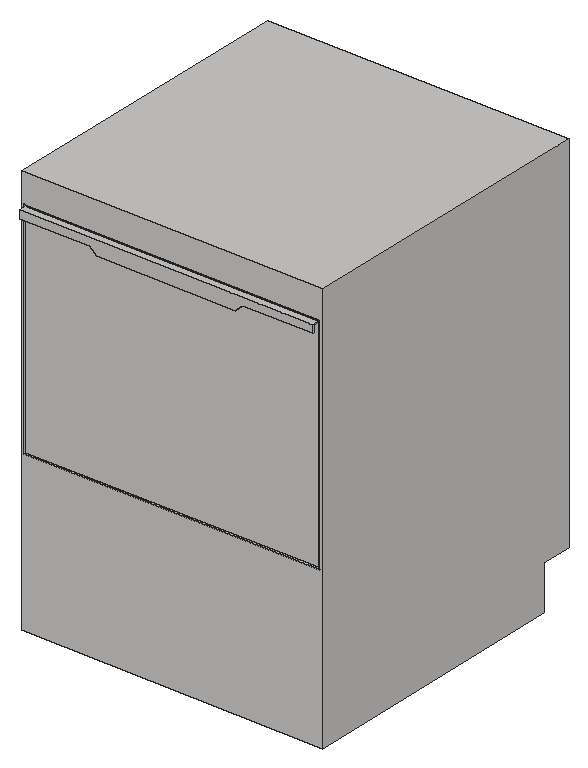
Revit family "QF_ELECTROLUXPROFESSIONAL_400214_ELA3W", category Specialty Equipment, Revit 2018
Family settings
  Round Connector Dimension = Use Diameter
  Part Type = Normal
  Work Plane-Based = No
  Always vertical = Yes
  Cut with Voids When Loaded = No
  Shared = No
  Room Calculation Point = No
Parameters
  Weight = 54.00 kg
  Watts = 0 W
  Volts = 0 V
  URL Manufacturer = ""
  URL = "http://professional.electrolux.com/"
  Steam Supply Size = 0 mm
  Steam Supply Minimum Pressure = 0.0 Pa
  Steam Supply Maximum Pressure = 0.0 Pa
  Steam Pounds per Hour = 0
  Show Logo [instance] = yes
  Show Clearance [instance] = yes
  Refrigeration Suction Line Size = 0 mm
  Refrigeration Liquid Line Size = 0 mm
  Refrigerant Compressor Remote = yes
  Manufacturer = ""
  Phase = 0
  Model = ""
  Length Actual = 600 mm  # constant formula
  Item Number = ""
  Hot Water Size = 0 mm
  Height Actual = 820 mm  # constant formula
  HP = "7.2 HP"
  Gas Size = 0 mm
  Gas KW = 0
  Gas Input Pressure = 0 W
  Direct Waste Size = 40 mm
  Description = ""
  Depth Actual = 648 mm  # constant formula
  Cycle = 0 Hz
  Condensate Return Size = 0 mm
  Compressed Air Volume = 0.0 L/s
  Compressed Air Size = 0 mm
  Compressed Air Pressure = 0.0 Pa
  Cold Water Size = 0 mm
  Accessory = yes
Types (2, lengths in mm): name | Volts | URL Manufacturer | URL | Manufacturer | Phase | Model | Item Number | Hot Water Size | Description | Cycle
  (no name) | 0 V | "" | "http://professional.electrolux.com/" | "" | 0 | "" | "" | 0 | "" | 0 Hz
  Standard | 400 V | "http://professional.electrolux.com" | "http://professional.electrolux.com" | "Electrolux Professional" | 3 | "ELA3W" | "400214" | 19.05 | "UNDERCOUNTER(L), WASH-SAFE, 3PH, WATER SOFTENER, 540D/H" | 50 Hz
Reference planes
  plane 1 "Center (Front/Back)": y = 0
  plane 2: z = 0
  plane 3 "Center (Left/Right)": x = 0
  plane 4 "LEFT": x = -300
  plane 5 "RIGHT": x = 300
  plane 6 "FRONT": y = -306
  plane 7 "BACK": y = 306
  plane 8: x = -202.5
  plane 9: x = 202.5
  plane 10: z = 830
  plane 11: z = 10
Forms (mm)
  Extrusion 1, solid, material "QF_Finishes_Stainless Steel"
    sketch origin (0, 0, 0) x (1, 0, 0) y (0, 1, 0)
      loop
        line (-300, -306) -> (300, -306) -> (300, 245) -> (-300, 245) -> (-300, -306)
    from 10 to 830
  Extrusion 2, solid, material "QF_Finishes_Stainless Steel"
    sketch origin (0, 0, 0) x (1, 0, 0) y (0, 1, 0)
      loop
        line (-300, 245) -> (300, 245) -> (300, 306) -> (-300, 306) -> (-300, 245)
    from 100 to 830
  Extrusion 3, solid, material "QF_Finishes_Stainless Steel"
    sketch origin (0, 17.5, 0) x (1, 0, 0) y (0, 1, 0)
      loop
        circle (-254, 167.5) r 12.5
      loop
        circle (254, 167.5) r 12.5
      loop
        circle (-254, -263.5) r 12.5
      loop
        circle (254, -263.5) r 12.5
    from 0 to 10
  Extrusion 4, void
    sketch origin (-300, -306, 0) x (-1, 0, 0) y (0, 0, 1)
      loop
        line (-5, 773.217) -> (-595, 773.217) -> (-595, 327.335) -> (-5, 327.335) -> (-5, 773.217)
    from 0 to 30
  Extrusion 5, solid, material "QF_Finishes_Stainless Steel"
    sketch origin (-259, -389, 768) x (0, 0, -1) y (1, 0, 0)
      loop
        circle (693, 143) r 10
    from -634 to -695
  Extrusion 6, solid, material "QF_Door-Drawer Clearances", visible <- "Show Clearance", detail levels coarse
    sketch origin (-230, -282.5, 0) x (0, 1, 0) y (0, 0, -1)
      loop
        line (-23.5, -330.419) -> (-391.5, -330.419)
        arc (-391.5, -330.419) -> (-290.693, -619.855) -> (-23.5, -770) r 432.894
        line (-23.5, -770) -> (-23.5, -330.419)
    from 61.197 to -521.306
  Extrusion 7, solid, material "QF_Finishes_Stainless Steel"
    sketch origin (-315.481, -389, 738) x (0, 0, -1) y (1, 0, 0)
      loop
        circle (663, 252.481) r 8
    from -634 to -695
  Extrusion 8, solid, material "QF_Finishes_Stainless Steel"
    sketch origin (-230, -282.5, 0) x (0, 1, 0) y (0, 0, -1)
      loop
        line (-23.5, -330.419) -> (-23.5, -770) -> (1.5, -770) -> (1.5, -330.419) -> (-23.5, -330.419)
    from 61.197 to -521.306
  Extrusion 9, solid, material "QF_Finishes_Stainless Steel"
    sketch origin (-230, -297.5, 0) x (0, 1, 0) y (0, 0, -1)
      loop
        line (-8.5, -770) -> (-8.5, -767.514) -> (-21, -767.514) -> (-21, -741.25) -> (-23.5, -741.25) -> (-23.5, -770) -> (-8.5, -770)
    from 61.197 to -521.306
  Extrusion 10, void
    sketch origin (-230, -321, 770) x (0, 0, 1) y (1, 0, 0)
      loop
        line (-15.552, -61.197) -> (-15.552, 77.909) -> (-28.75, 91.107) -> (-28.75, -61.197) -> (-15.552, -61.197)
      loop
        line (-15.552, 521.197) -> (-28.75, 521.197) -> (-28.75, 368.893) -> (-15.552, 382.091) -> (-15.552, 521.197)
    from 0 to 2.5
  Extrusion 11, solid, material "QF_Finishes_Stainless Steel"
    sketch origin (-295.988, 885.897, 763.79) x (0, -1, 0) y (1, 0, 0)
      loop
        circle (611.5, 158) r 8
    from -663.79 to -673.79
Cuts and joins
  Extrusion 4 cuts Extrusion 1
  joined: Extrusion 1, Extrusion 2
  Extrusion 10 cuts Extrusion 8
  Extrusion 10 cuts Extrusion 9
Lines and regions (mm)
  Split face 1
    outline origin (-300, -306, 830) x (0, 0, -1) y (1, 0, 0)
      loop
        line (21.579, 283.75) -> (39.683, 283.75) -> (39.683, 316.25) -> (21.579, 316.25) -> (21.579, 283.75)
  Split face 2
    outline origin (-300, -306, 830) x (0, 0, -1) y (1, 0, 0)
      loop
        line (56.783, 595) -> (56.783, 600)
      loop
        arc (56.783, 412.5) -> (28.391, 440.891) -> (0, 412.5) r 28.391
  symbolic lines
    curve 1: line (-300, 306, 0) -> (300, 306, 0)
    curve 2: line (-300, -306, 0) -> (-300, 306, 0)
    curve 3: line (300, -306, 0) -> (-300, -306, 0)
    curve 4: line (300, 306, 0) -> (300, -306, 0)
    curve 9: line (-291.197, -306, 0) -> (-291.197, -321, 0)
    curve 10: line (291.306, -321, 0) -> (291.306, -306, 0)
    curve 11: line (-291.197, -321, 0) -> (291.306, -321, 0)
  symbolic lines, style "QF_Door-Drawer Clearances"
    curve 5: line (-291.197, -674, 0) -> (291.306, -674, 0)
    curve 6: line (291.306, -674, 0) -> (291.306, -306, 0)
    curve 7: line (-291.197, -674, 0) -> (-291.197, -306, 0)
  symbolic lines, style "SpecialityEquipmentHiddenLines"
    curve 8: line (-300, 245, 0) -> (300, 245, 0)
Dimensions and locks
  equal spacing: plane 4 "LEFT", plane 3 "Center (Left/Right)", plane 5 "RIGHT"
  equal spacing: plane 7 "BACK", plane 1 "Center (Front/Back)", plane 6 "FRONT"
  plane 7 "BACK" to plane 6 "FRONT" = 612 mm
  plane 4 "LEFT" to plane 5 "RIGHT" = 600 mm
  plane 4 "LEFT" to plane 8 = 97.5 mm
  plane 9 to plane 5 "RIGHT" = 97.5 mm
  plane 11 to level = 10 mm
  plane 4 "LEFT" to plane 3 "Center (Left/Right)" = 300 mm
  plane 10 to level = 830 mm  (x2)
  plane 8 to plane 9 = 405 mm
  Extrusion 11 sketch curve to plane 4 "LEFT" = 162.012 mm
  level to Extrusion 5 sketch curve = 75 mm
  Extrusion 5 sketch curve to plane 4 "LEFT" = 184 mm
  Extrusion 7 sketch curve to plane 4 "LEFT" = 237 mm
  level to Extrusion 7 sketch curve = 75 mm
  Extrusion 3 to cut or joined group of Extrusion 1, Extrusion 2, Extrusion 4 = 121 mm
  Extrusion 3 to Extrusion 3 = 431 mm
  plane 6 "FRONT" to Extrusion 3 = 60 mm
  plane 9 to plane 8 = 405 mm
  plane 7 "BACK" to curve 5 = 980 mm
  cut or joined group of Extrusion 1, Extrusion 2, Extrusion 4 to level = 327.335 mm
  aligned and locked: level to plane 2
  aligned and locked: Extrusion 1 sketch curve to plane 6 "FRONT"
  aligned and locked: Extrusion 1 sketch curve to plane 4 "LEFT"
  aligned and locked: plane 5 "RIGHT" to Extrusion 1 sketch curve
  aligned and locked: Extrusion 1 to plane 11
  aligned and locked: Extrusion 2 sketch curve to Extrusion 1
  aligned and locked: plane 5 "RIGHT" to Extrusion 2 sketch curve
  aligned and locked: plane 11 to Extrusion 3
  aligned and locked: cut or joined group of Extrusion 9, Extrusion 10 to Extrusion 10
Automatic sketch dimensions
  Extrusion 1 sketch curve to plane 7 "BACK" = 61 mm
  Extrusion 3 sketch curve to plane 8 = 51.5 mm  (x2)
  plane 9 to Extrusion 3 sketch curve = 51.5 mm  (x2)
  plane 6 "FRONT" to Extrusion 3 sketch curve = 60 mm  (x2)
  Extrusion 3 sketch curve to plane 7 "BACK" = 121 mm  (x2)
  Extrusion 4 sketch curve to Extrusion 1 = 5 mm  (x2)
  Extrusion 4 sketch curve to Extrusion 1 = 317.335 mm
  Extrusion 4 sketch curve to Extrusion 1 = 56.783 mm
  plane 6 "FRONT" to Extrusion 8 sketch curve = 0 mm
  Extrusion 8 sketch curve to Extrusion 8 sketch curve = 25 mm
  Extrusion 9 sketch curve to plane 6 "FRONT" = 15 mm
  Extrusion 9 sketch curve to Extrusion 9 sketch curve = 2.5 mm
  Extrusion 9 sketch curve to Extrusion 9 sketch curve = 12.5 mm
  Extrusion 9 sketch curve to plane 10 = 60 mm
  Extrusion 9 sketch curve to Extrusion 9 sketch curve = 2.486 mm
  Extrusion 9 sketch curve to Extrusion 9 sketch curve = 26.264 mm
  Extrusion 2 sketch curve to Extrusion 2 sketch curve = 61 mm
  Split face 1 sketch curve to cut or joined group of Extrusion 1, Extrusion 2, Extrusion 4 = 21.579 mm
  Split face 1 sketch curve to Split face 1 sketch curve = 18.104 mm
  Split face 1 sketch curve to cut or joined group of Extrusion 1, Extrusion 2, Extrusion 4 = 278.75 mm
  Split face 1 sketch curve to Split face 1 sketch curve = 32.5 mm
  plane 11 to Extrusion 8 sketch curve = 320.419 mm
  Extrusion 8 sketch curve to plane 10 = 60 mm
  Extrusion 10 sketch curve to Extrusion 9 = 0 mm  (x2)
  Extrusion 9 to Extrusion 10 sketch curve = 0 mm
  Extrusion 10 sketch curve to Extrusion 9 = 13.198 mm  (x2)
  Extrusion 10 sketch curve to Extrusion 9 = 139.107 mm
  Extrusion 10 sketch curve to Extrusion 10 sketch curve = 13.198 mm  (x2)
  Extrusion 10 sketch curve to Extrusion 9 = 152.413 mm
  Extrusion 10 sketch curve to Extrusion 9 = 0.109 mm
  curve 3 to plane 4 "LEFT" = 0 mm
  curve 7 to plane 6 "FRONT" = 0 mm
  curve 4 to plane 5 "RIGHT" = 0 mm
  curve 2 to plane 7 "BACK" = 0 mm
  plane 4 "LEFT" to curve 5 = 8.803 mm
  curve 5 to plane 5 "RIGHT" = 8.694 mm
  plane 4 "LEFT" to curve 11 = 8.803 mm
  curve 10 to plane 5 "RIGHT" = 8.694 mm
  curve 11 to plane 6 "FRONT" = 15 mm
  curve 8 to plane 7 "BACK" = 61 mm
  Extrusion 2 sketch curve to plane 7 "BACK" = 0 mm
  Split face 2 sketch curve to cut or joined group of Extrusion 1, Extrusion 2, Extrusion 4 = 0 mm  (x5)
  Split face 2 sketch curve to cut or joined group of Extrusion 1, Extrusion 2, Extrusion 4 = 182.5 mm
  Extrusion 11 sketch curve to plane 7 "BACK" = 31.603 mm
  Extrusion 6 sketch curve to plane 6 "FRONT" = 0 mm
  plane 6 "FRONT" to Extrusion 6 sketch curve = 64.74 mm
  plane 11 to Extrusion 6 sketch curve = 331.974 mm
  Extrusion 6 sketch curve to Extrusion 6 sketch curve = 11.555 mm
  Extrusion 6 sketch curve to plane 6 "FRONT" = 368 mm
  radius of Extrusion 5 sketch curve = 10 mm
  radius of Extrusion 7 sketch curve = 8 mm
  radius of Extrusion 3 sketch curve = 12.5 mm  (x4)
  radius of Extrusion 11 sketch curve = 8 mm
Connectors
  piping at (-116, 306, 75), diameter 20
    settings: on Extrusion 5, index 1, connector inside diameter 609.6 mm, connector length 0 mm, flow factor 0, pipe flow 0.0 L/s, pressure drop 0.0 Pa, fitting loss kfactor 0, connector angle 0.00°, fixture units 0, engagement length 0 mm, angle of deflection 0.00°, flow configuration 1, flow direction 1, fitting loss method 0, system type 16, joint type 0, gender type 0, connector reference index -1, connector utility 0, adjustable connector no, is connector primary yes, connector description "Drain"
  piping at (-63, 306, 75), diameter 16
    settings: on Extrusion 7, index 3, connector inside diameter 609.6 mm, connector length 0 mm, flow factor 0, pipe flow 0.0 L/s, pressure drop 0.0 Pa, fitting loss kfactor 0, connector angle 0.00°, fixture units 0, engagement length 0 mm, angle of deflection 0.00°, flow configuration 1, flow direction 1, fitting loss method 0, system type 20, joint type 0, gender type 0, connector reference index -1, connector utility 0, adjustable connector no, is connector primary no, connector description "Cold Water Inlet"
  electrical at (-137.988, 274.397, 90), driven by "Volts"
    settings: on Extrusion 11, index 4, voltage 0 V, apparent load 0 VA, apparent load phase1 0 VA, apparent load phase2 0 VA, apparent load phase3 0 VA, power factor 1, load classification "Altro", number of poles 1, system type 31, power factor state 1, is connector primary yes, connector utility no, sub classification motor no, connector description "Electrical Connection"
